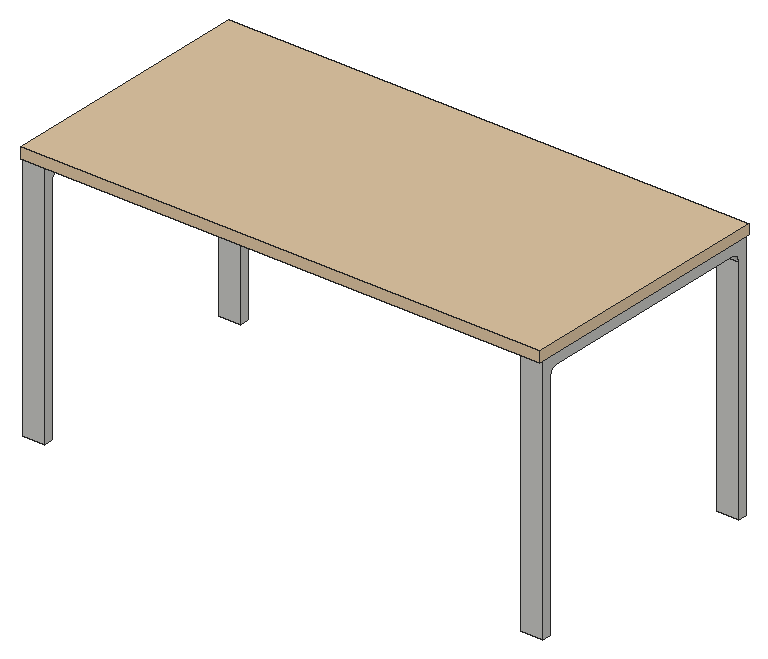
Revit family
Parameters (values of type "60" x 30"")
  Worksurface Finish = Haworth - Laminate - Maple H-AE
  Worksurface Edge Finish = Haworth - Laminate - Maple H-AE
  Warranty = "www.haworth.com/en-us/Products/Pages/Certifications.aspx"
  URL - Product = "www.haworth.com/en-us/Spaces/2011-NeoCon/New-Products/Pages/Reside-Desking.aspx"
  Sustainability Info = "www.haworth.com/en-us/About-Us/Sustainability/Pages/Vision.aspx"
  Support End Right [instance] = and(Right Leg, or(Straight Single Leg, Straight_Angled Double Leg, Straight Double Leg, Hoop Leg, Angled Single Leg, Angled Double Leg, Hoop Leg_Double Worksurface))  # yes
  Support End Left [instance] = and(Left Leg, or(Straight Single Leg, Straight_Angled Double Leg, Straight Double Leg, Hoop Leg, Angled Single Leg, Angled Double Leg, Hoop Leg_Double Worksurface))  # yes
  Straight_Angled Double Leg = no
  Straight Single Leg = no
  Straight Double Leg = not(or(Hoop Leg, Angled Double Leg, Straight_Angled Double Leg, Straight Single Leg, Angled Single Leg, Hoop Leg_Double Worksurface))  # yes
  Right Leg [instance] = yes
  No Legs [instance] = not(or(Left Leg, Right Leg))  # no
  Leg Finish = Haworth - Paint - Metallic Champagne TR-MC
  Model = "Reside"
  Min. Depth = 24"  # constant formula
  Max. Depth = 36"  # constant formula
  Left Leg [instance] = yes
  LEED Data = "www2.haworth.com/Promo/Reside-Beside-Belong/LEED-Reside.pdf"
  Hoop Leg_Double Worksurface = no
  Hoop Leg = no
  Height = 30"
  Width = 60"
  URL = "www.haworth.com"
  Support Height = Actual Height - Worksurface Thickness  # 28 13/16"
  Size = "Verify Final Dim. w/ Haworth"  # constant formula
  Revision Number = "1"  # constant formula
  Min/Max Width = if(Actual Depth = 36", "48-72 in. @ 6 in. Increments", "48-96 in. @ 6 in. Increments")  # "48-96 in. @ 6 in. Increments"
  Min/Max Height = if(Hoop Leg, "28 11/16-32 11/16 in.", "26 11/16-32 11/16 in.")  # "26 11/16-32 11/16 in."
  Min. Width = 48"  # constant formula
  Max. Width = 96"  # constant formula
  Min. Height = if(or(Hoop Leg, Hoop Leg_Double Worksurface), 27 1/2" + Worksurface Thickness, 25 1/2" + Worksurface Thickness)  # 26 11/16"
  Max. Height = 31 1/2" + Worksurface Thickness  # 32 11/16"
  Manufacturer = "Haworth"  # constant formula
  Support Offset = 3/8"  # constant formula
  Double Worksurface = no
  Description = "Reside Worksurface Rectangular"  # constant formula
  Depth = 30"
  Custom Size = not(and(or(Depth = 24", Depth = 30", Depth = 36"), or(Width = 48", Width = 54", Width = 60", Width = 66", Width = 72", Width = 78", Width = 84", Width = 90", Width = 96")))  # no
  Author = "SHAPE Environments, LLC"  # constant formula
  Assembly Code = "E2020200"
  Angled Single Leg = no
  Angled Double Leg = no
  Actual Width = if(Width > Max. Width, Max. Width, if(Width < Min. Width, Min. Width, Width))  # 60"
  Actual Support Hoop Leg_Double Worksurface = or(and(Double Worksurface, Hoop Leg_Double Worksurface), and(Double Worksurface, Hoop Leg))  # no
  Actual Support Hoop Leg = or(and(Hoop Leg, not(Double Worksurface)), and(Hoop Leg_Double Worksurface, not(Double Worksurface)))  # no
  Actual Height = if(Height > Max. Height, Max. Height, if(Height < Min. Height, Min. Height, Height))  # 30"
  Worksurface Thickness = 1 3/16"  # constant formula
  Min/Max Depth = "24, 30, 36 in."  # constant formula
  Actual Depth = if(Depth > Max. Depth, Max. Depth, if(Depth < Min. Depth, Min. Depth, Depth))  # 30"
Reference planes (in)
  plane 1 "Center F/B": y = 0
  plane 2 "Floor": z = 0
  plane 3 "Center L/R": x = 0
  plane 4 "Table Edge Left": x = -30
  plane 5 "Table Edge Right": x = 30
  plane 6 "Table Edge Back": y = -15
  plane 7 "Table Edge Front": y = 15
  plane 8 "Table Bottom": z = 30
  plane 9 "Support Front Offset": y = -14.625
  plane 10 "Support Back Offset": y = 14.625
  plane 11 "masking region": z = 28
Lines and regions (in)
  Masking region 1
    outline origin (0, 0, 28) x (0, -1, 0) y (1, 0, 0)
      loop
        line (-15, -30) -> (15, -30) -> (15, 30) -> (-15, 30) -> (-15, -30)
Dimensions and locks (in)
  "Actual Depth": plane 7 "Table Edge Front" to plane 6 "Table Edge Back"
  "Actual Width": plane 4 "Table Edge Left" to plane 5 "Table Edge Right"
  equal spacing: plane 4 "Table Edge Left", plane 3 "Center L/R", plane 5 "Table Edge Right"
  equal spacing: plane 7 "Table Edge Front", plane 1 "Center F/B", plane 6 "Table Edge Back"
  "Support Offset": plane 9 "Support Front Offset" to plane 6 "Table Edge Back"
  "Support Offset": plane 7 "Table Edge Front" to plane 10 "Support Back Offset"
  "Actual Height": plane 8 "Table Bottom" to level
  locked: plane 8 "Table Bottom" to plane 11 "masking region" at 2
  aligned and locked: plane 3 "Center L/R" to nested 1
  aligned and locked: plane 1 "Center F/B" to nested 1
  aligned: nested 2 to plane 9 "Support Front Offset"
  aligned and locked: nested 2 to plane 9 "Support Front Offset"
  aligned and locked: plane 10 "Support Back Offset" to nested 2
  aligned and locked: nested 2 to plane 4 "Table Edge Left"
  aligned and locked: nested 3 to plane 5 "Table Edge Right"
  aligned and locked: plane 9 "Support Front Offset" to nested 3
  aligned and locked: nested 3 to plane 10 "Support Back Offset"
  aligned and locked: plane 4 "Table Edge Left" to Masking region 1 sketch curve
  aligned and locked: Masking region 1 sketch curve to plane 7 "Table Edge Front"
  aligned and locked: nested 1 to Masking region 1 sketch curve
  aligned and locked: Masking region 1 sketch curve to nested 1
Nested families (in)
  nested 1: "Haworth_Worksurface-Rectangular" at (0, -15, 0), type "Worksurface"
    with Table Thickness 1 3/16"
  nested 2: "Haworth_Worksurface-Support_Part-Reside" at (-37.25, 7.86431, 0), visible <- "Left Leg", Double Worksurface <- "Double Worksurface", type "Support"
    with Straight Support Extension 20 3/4", Hoop Leg Support Extension 29 5/8", Hoop Leg Bottom Support Extension 29 9/16", Double Worksurface no, Angled Support Extension 17 1/2", Support Hoop Leg_Double Worksurface no, Support Straight Double yes
  nested 3: "Haworth_Worksurface-Support_Part-Reside" at (37.25, 7.86431, 0) x (-1, 0, 0) z (0, 0, 1), visible <- "Right Leg", Double Worksurface <- "Double Worksurface", type "Support"
    with Straight Support Extension 20 3/4", Hoop Leg Support Extension 29 5/8", Hoop Leg Bottom Support Extension 29 9/16", Double Worksurface no, Angled Support Extension 17 1/2", Support Hoop Leg_Double Worksurface no, Support Straight Double yes
Definition of nested family "Haworth_Worksurface-Rectangular"
  Parameters (values of type "Worksurface")
    Width = 0"
    Warranty = ""
    URL - Product = ""
    URL = "www.haworth.com"
    Table Thickness = 1 1/2"
    Table Finish = Haworth - Laminate - Maple H-AE
    Table Edge Finish = Haworth - Laminate - Maple H-AE
    Sustainability Info = ""
    Squared Corners = yes
    Size = "Verify Final Dim. w/ Haworth"  # constant formula
    Rounded Corners = no
    Revision Number = ""
    OmniClass Number = ""
    Min/Max Width = ""
    Min/Max Height = ""
    Min. Width = 0"
    Max. Width = 0"
    Min. Height = 0"
    Max. Height = 0"
    Material Options = ""
    Manufacturer = "Haworth"  # constant formula
    LEED Data = ""
    Height = 0"
    Author = "SHAPE Environments, LLC"  # constant formula
    Assembly Code = ""
    Actual Width = 60"
    Actual Height = 30"
    Actual Depth = 30"
  Reference planes (in)
    plane 1 "Center F/B": y = 15
    plane 2: z = 0
    plane 3 "Center L/R": x = 0
    plane 4 "Table Front": y = 30
    plane 5 "Table Right": x = 30
    plane 6 "Table Left": x = -30
    plane 7 "Table Back": y = 0
    plane 8 "Table Top": z = 30
    plane 9 "Table Bottom": z = 28.5
  Forms (in)
    Extrusion 1, solid, material "Haworth - Laminate - Maple H-AE" <- "Table Finish", visible <- "Squared Corners"
      sketch origin (0, 0, 0) x (1, 0, 0) y (0, 1, 0)
        loop
          line (-30, 30) -> (-30, 0) -> (30, 0) -> (30, 30) -> (-30, 30)
      from 28.5 to 30
    Extrusion 2, solid, material "Haworth - Laminate - Maple H-AE" <- "Table Finish", visible <- "Rounded Corners"
      sketch origin (0, 0, 0) x (1, 0, 0) y (0, 1, 0)
        loop
          arc (-28.5, 30) -> (-29.56066, 29.56066) -> (-30, 28.5) r 1.5
          line (-30, 28.5) -> (-30, 1.5)
          arc (-30, 1.5) -> (-29.56066, 0.43934) -> (-28.5, 0) r 1.5
          line (-28.5, 0) -> (28.5, 0)
          arc (28.5, 0) -> (29.56066, 0.43934) -> (30, 1.5) r 1.5
          line (30, 1.5) -> (30, 28.5)
          arc (30, 28.5) -> (29.56066, 29.56066) -> (28.5, 30) r 1.5
          line (28.5, 30) -> (-28.5, 30)
      from 28.5 to 30
  Dimensions and locks (in)
    "Actual Depth": plane 7 "Table Back" to plane 4 "Table Front"
    "Actual Width": plane 6 "Table Left" to plane 5 "Table Right"
    equal spacing: plane 6 "Table Left", plane 3 "Center L/R", plane 5 "Table Right"
    equal spacing: plane 4 "Table Front", plane 1 "Center F/B", plane 7 "Table Back"
    "Table Thickness": plane 8 "Table Top" to plane 9 "Table Bottom"
    "Actual Height": plane 8 "Table Top" to level
    aligned and locked: plane 6 "Table Left" to Extrusion 1 sketch curve
    aligned and locked: Extrusion 1 sketch curve to plane 4 "Table Front"
    aligned and locked: plane 7 "Table Back" to Extrusion 1 sketch curve
    aligned and locked: plane 5 "Table Right" to Extrusion 1 sketch curve
    aligned and locked: plane 8 "Table Top" to Extrusion 1
    aligned and locked: Extrusion 1 to plane 9 "Table Bottom"
    aligned and locked: plane 6 "Table Left" to Extrusion 2 sketch curve
    aligned and locked: Extrusion 2 sketch curve to plane 7 "Table Back"
    aligned and locked: plane 5 "Table Right" to Extrusion 2 sketch curve
    aligned and locked: Extrusion 2 sketch curve to plane 4 "Table Front"
    aligned and locked: plane 8 "Table Top" to Extrusion 2
    aligned and locked: Extrusion 2 to plane 9 "Table Bottom"
  Automatic sketch dimensions
    plane 6 "Table Left" to Extrusion 2 sketch curve = 1 1/2"
    Extrusion 2 sketch curve to Extrusion 2 sketch curve = 1 1/2"
    plane 5 "Table Right" to Extrusion 2 sketch curve = 1 1/2"  (x2)
Definition of nested family "Haworth_Worksurface-Support_Part-Reside"
  Parameters (values of type "Support")
    Support Straight Single = no
    Support Offset = 3/8"  # constant formula
    Support Hoop Leg_Double Worksurface = yes
    Support Angled Single = no
    Worksurface Height = 30"
    Worksurface Depth = 30"
    Warranty = "www.haworth.com/en-us/Products/Pages/Certifications.aspx"
    URL - Product = "www.haworth.com/en-us/Products/Furniture/Systems/Desking-Systems/Pages/Compose.aspx"
    URL = "www.haworth.com"
    Top Thickness = 1 3/16"
    Sustainability Info = "www.haworth.com/en-us/About-Us/Sustainability/Pages/Vision.aspx"
    Support Thickness = 2 1/2"  # constant formula
    Support Straight Double = no
    Support Straight_Angled = no
    Support Height = 28 13/16"
    Support Finish = Haworth - Paint - Metallic Champagne TR-MC
    Support Angled Double = no
    Support Hoop Leg = no
    Straight Support Extension [instance] = if(Double Worksurface, Worksurface Depth - Support Offset + (Gap Depth / 2), 5 3/4" + Spacer Depth)  # 31 1/8"
    Spacer Depth = 15"  # constant formula
    Size = "Verify Final Dim. w/ Haworth"  # constant formula
    Revision Number = "1"  # constant formula
    Model = "Worksurface"
    Min/Max Height = "26-32 in."  # constant formula
    Min/Max Depth = "18-36 in."  # constant formula
    Min. Height = 20"  # constant formula
    Min. Depth = 18"  # constant formula
    Max. Height = 48"  # constant formula
    Max. Depth = 36"  # constant formula
    Manufacturer = "Haworth"  # constant formula
    LEED Data = "www.haworth.com/en-us/Products/Furniture/Systems/Desking-Systems/Pages/Compose.aspx"
    Hoop Leg Support Extension [instance] = if(Double Worksurface, Worksurface Depth - Support Offset + (Gap Depth / 2), Worksurface Depth - Support Offset)  # 31 1/8"
    Hoop Leg Bottom Support Extension [instance] = if(Double Worksurface, Worksurface Depth - Support Offset - 1/16" + (Gap Depth / 2), Worksurface Depth - Support Offset - 1/16")  # 31 1/16"
    Gap Depth = 3"  # constant formula
    Double Worksurface [instance] = yes
    Description = "Worksurface Support Reside"  # constant formula
    Corner Support_Straight Single = no
    Corner Support_Angled Single = no
    Corner Straight Support Extension = 5 3/4"  # constant formula
    Corner Angled Support Extension = 2 1/2"  # constant formula
    Bottom Strut Thickness = 1"  # constant formula
    Bottom Strut Location = 9"  # constant formula
    Author = "SHAPE Environments, LLC"  # constant formula
    Assembly Code = "E2020200"
    Angled Support Extension [instance] = if(Double Worksurface, Worksurface Depth - Support Offset - (Support Height * tan(7.00°)) + (Gap Depth / 2), 2 1/2" + Spacer Depth)  # 27.58727"
    Actual Height = 30"
    Actual Depth = 30"
  Types (2): name | Support Straight Single | Support Hoop Leg_Double Worksurface | URL - Product | Straight Support Extension | LEED Data | Hoop Leg Support Extension | Hoop Leg Bottom Support Extension | Double Worksurface | Angled Support Extension
    Support | no | yes | "www.haworth.com/en-us/Products/Furniture/Systems/Desking-Systems/Pages/Compose.aspx" | 31 1/8" | "www.haworth.com/en-us/Products/Furniture/Systems/Desking-Systems/Pages/Compose.aspx" | 31 1/8" | 31 1/16" | yes | 27.58727"
    Corner Support | yes | no | "www.haworth.com/en-us/Spaces/2011-NeoCon/New-Products/Pages/Reside-Desking.aspx" | 20 3/4" | "www2.haworth.com/Promo/Reside-Beside-Belong/LEED-Reside.pdf" | 29 5/8" | 29 9/16" | no | 17 1/2"
  Reference planes (in)
    plane 1: z = 0
    plane 2 "Center L/R": x = 8.5
    plane 3 "Support Left Edge": x = 7.25
    plane 4 "Support Right Edge": x = 9.75
    plane 5 "Back": y = 7.13569
    plane 6 "Front": y = -22.86431
    plane 7 "Support Top": z = 28.8125
    plane 8 "Mid Strut Top": z = 0.8125
    plane 9 "Mid Strut Bottom": z = 3.4375
    plane 10 "Top Strut Bottom": z = 27.625
    plane 11 "Front Support Exterior": y = -22.48931
    plane 12 "Front Support Interior": y = -21.48931
    plane 13 "Back Support Interior": y = 5.76069
    plane 14 "Back Support Exterior": y = 6.76069
    plane 15 "Center F/B": y = -7.86431
    plane 16 "Leg Top": z = 28.5625
  Forms (in)
    Extrusion 1, solid, material "Haworth - Paint - Metallic Champagne TR-MC" <- "Support Finish", visible <- "Support Hoop Leg"
      sketch origin (8.5, 0, 0) x (0, 1, 0) y (0, 0, 1)
        loop
          line (4.82319, 0.8125) -> (-20.55181, 0.8125)
          arc (-20.55181, 0.8125) -> (-21.25892, 1.10539) -> (-21.55181, 1.8125) r 1
          line (-21.55181, 1.8125) -> (-21.55181, 3.4375) -> (-22.42681, 3.4375) -> (-22.42681, 0) -> (6.69819, 0) -> (6.69819, 3.4375) -> (5.82319, 3.4375) -> (5.82319, 1.8125)
          arc (5.82319, 1.8125) -> (5.5303, 1.10539) -> (4.82319, 0.8125) r 1
      from -1.25 to 1.25
    Extrusion 2, solid, material "Haworth - Paint - Metallic Champagne TR-MC" <- "Support Finish", visible <- "Support Hoop Leg"
      sketch origin (8.5, 0, 0) x (0, 1, 0) y (0, 0, 1)
        loop
          line (5.76069, 3.4375) -> (6.76069, 3.4375) -> (6.76069, 28.8125) -> (-22.48931, 28.8125) -> (-22.48931, 3.4375) -> (-21.48931, 3.4375) -> (-21.48931, 26.625)
          arc (-21.48931, 26.625) -> (-21.19642, 27.33211) -> (-20.48931, 27.625) r 1
          line (-20.48931, 27.625) -> (4.76069, 27.625)
          arc (4.76069, 27.625) -> (5.4678, 27.33211) -> (5.76069, 26.625) r 1
          line (5.76069, 26.625) -> (5.76069, 3.4375)
      from -1.25 to 1.25
    Extrusion 3, solid, material "Haworth - Paint - Metallic Champagne TR-MC" <- "Support Finish", visible <- "Support Straight Double"
      sketch origin (8.5, 0, 0) x (0, 1, 0) y (0, 0, 1)
        loop
          line (5.76069, 0) -> (6.76069, 0) -> (6.76069, 28.8125) -> (-22.48931, 28.8125) -> (-22.48931, 0) -> (-21.48931, 0) -> (-21.48931, 26.625)
          arc (-21.48931, 26.625) -> (-21.19642, 27.33211) -> (-20.48931, 27.625) r 1
          line (-20.48931, 27.625) -> (4.76069, 27.625)
          arc (4.76069, 27.625) -> (5.4678, 27.33211) -> (5.76069, 26.625) r 1
          line (5.76069, 26.625) -> (5.76069, 0)
      from -1.25 to 1.25
    Extrusion 4, solid, material "Haworth - Paint - Metallic Champagne TR-MC" <- "Support Finish", visible <- "Support Straight_Angled"
      sketch origin (8.5, 0, 0) x (0, 1, 0) y (0, 0, 1)
        loop
          line (5.76069, 0) -> (6.76069, 0) -> (6.76069, 28.8125) -> (-18.95158, 28.8125) -> (-22.48931, 0) -> (-21.4818, 0) -> (-18.1977, 26.74687)
          arc (-18.1977, 26.74687) -> (-17.86777, 27.37396) -> (-17.20515, 27.625) r 1
          line (-17.20515, 27.625) -> (4.76069, 27.625)
          arc (4.76069, 27.625) -> (5.4678, 27.33211) -> (5.76069, 26.625) r 1
          line (5.76069, 26.625) -> (5.76069, 0)
      from -1.25 to 1.25
    Extrusion 5, solid, material "Haworth - Paint - Metallic Champagne TR-MC" <- "Support Finish", visible <- "Support Angled Double"
      sketch origin (8.5, 0, 0) x (0, 1, 0) y (0, 0, 1)
        loop
          line (6.76069, 0) -> (3.22296, 28.8125) -> (-18.95158, 28.8125) -> (-22.48931, 0) -> (-21.4818, 0) -> (-18.1977, 26.74687)
          arc (-18.1977, 26.74687) -> (-17.86777, 27.37396) -> (-17.20515, 27.625) r 1
          line (-17.20515, 27.625) -> (1.47653, 27.625)
          arc (1.47653, 27.625) -> (2.13915, 27.37396) -> (2.46908, 26.74687) r 1
          line (2.46908, 26.74687) -> (5.75318, 0) -> (6.76069, 0)
      from -1.25 to 1.25
    Extrusion 6, solid, material "Haworth - Paint - Metallic Champagne TR-MC" <- "Support Finish", visible <- "Support Angled Single"
      sketch origin (8.5, 0, 0) x (0, 1, 0) y (0, 0, 1)
        loop
          line (-18.95158, 28.8125) -> (-22.48931, 0) -> (-21.4818, 0) -> (-18.1977, 26.74687)
          arc (-18.1977, 26.74687) -> (-17.86777, 27.37396) -> (-17.20515, 27.625) r 1
          line (-17.20515, 27.625) -> (8.63569, 27.625) -> (8.63569, 28.8125) -> (-18.95158, 28.8125)
      from -1.25 to 1.25
    Extrusion 7, solid, material "Haworth - Paint - Metallic Champagne TR-MC" <- "Support Finish", visible <- "Support Straight Single"
      sketch origin (8.5, 0, 0) x (0, 1, 0) y (0, 0, 1)
        loop
          line (8.63569, 27.625) -> (8.63569, 28.8125) -> (-22.48931, 28.8125) -> (-22.48931, 0) -> (-21.48931, 0) -> (-21.48931, 26.625)
          arc (-21.48931, 26.625) -> (-21.19642, 27.33211) -> (-20.48931, 27.625) r 1
          line (-20.48931, 27.625) -> (8.63569, 27.625)
      from -1.25 to 1.25
    Extrusion 8, solid, material "Haworth - Paint - Metallic Champagne TR-MC" <- "Support Finish", visible <- "Support Hoop Leg_Double Worksurface"
      sketch origin (8.5, 0, 0) x (0, 1, 0) y (0, 0, 1)
        loop
          line (8.63569, 0.8125) -> (-20.55181, 0.8125)
          arc (-20.55181, 0.8125) -> (-21.25892, 1.10539) -> (-21.55181, 1.8125) r 1
          line (-21.55181, 1.8125) -> (-21.55181, 3.4375) -> (-22.42681, 3.4375) -> (-22.42681, 0) -> (8.63569, 0) -> (8.63569, 0.8125)
      from -1.25 to 1.25
    Extrusion 9, solid, material "Haworth - Paint - Metallic Champagne TR-MC" <- "Support Finish", visible <- "Support Hoop Leg_Double Worksurface"
      sketch origin (8.5, 0, 0) x (0, 1, 0) y (0, 0, 1)
        loop
          line (-22.48931, 28.8125) -> (-22.48931, 3.4375) -> (-21.48931, 3.4375) -> (-21.48931, 26.625)
          arc (-21.48931, 26.625) -> (-21.19642, 27.33211) -> (-20.48931, 27.625) r 1
          line (-20.48931, 27.625) -> (8.63569, 27.625) -> (8.63569, 28.8125) -> (-22.48931, 28.8125)
      from -1.25 to 1.25
    Extrusion 10, solid, material "Haworth - Paint - Metallic Champagne TR-MC" <- "Support Finish", visible <- "Corner Support_Angled Single"
      sketch origin (8.5, 0, 0) x (0, 1, 0) y (0, 0, 1)
        loop
          line (-18.95158, 28.8125) -> (-22.48931, 0) -> (-21.4818, 0) -> (-18.1977, 26.74687)
          arc (-18.1977, 26.74687) -> (-17.86777, 27.37396) -> (-17.20515, 27.625) r 1
          line (-17.20515, 27.625) -> (-16.45158, 27.625) -> (-16.45158, 28.8125) -> (-18.95158, 28.8125)
      from -1.25 to 1.25
    Extrusion 11, solid, material "Haworth - Paint - Metallic Champagne TR-MC" <- "Support Finish", visible <- "Corner Support_Straight Single"
      sketch origin (8.5, 0, 0) x (0, 1, 0) y (0, 0, 1)
        loop
          line (-16.73931, 27.625) -> (-16.73931, 28.8125) -> (-22.48931, 28.8125) -> (-22.48931, 0) -> (-21.48931, 0) -> (-21.48931, 26.625)
          arc (-21.48931, 26.625) -> (-21.19642, 27.33211) -> (-20.48931, 27.625) r 1
          line (-20.48931, 27.625) -> (-16.73931, 27.625)
      from -1.25 to 1.25
  Cuts and joins
    joined: Extrusion 1, Extrusion 2
    joined: Extrusion 8, Extrusion 9
  Lines and regions (in)
    symbolic lines, style "Haworth Hidden", visible <- "Corner Support_Angled Single", detail levels fine
      curve 1: line (7.25, -16.45158, 0) -> (9.75, -16.45158, 0)
      curve 2: line (7.25, -22.48931, 0) -> (7.25, -16.45158, 0)
      curve 3: line (9.75, -22.48931, 0) -> (7.25, -22.48931, 0)
      curve 4: line (9.75, -16.45158, 0) -> (9.75, -22.48931, 0)
    symbolic lines, style "Haworth Hidden", visible <- "Corner Support_Straight Single", detail levels fine
      curve 5: line (7.25, -16.73931, 0) -> (9.75, -16.73931, 0)
      curve 6: line (7.25, -22.48931, 0) -> (7.25, -16.73931, 0)
      curve 7: line (9.75, -22.48931, 0) -> (7.25, -22.48931, 0)
      curve 8: line (9.75, -16.73931, 0) -> (9.75, -22.48931, 0)
    symbolic lines, style "Haworth Hidden", visible <- "Support Angled Double", detail levels fine
      curve 9: line (7.25, 6.76069, 0) -> (9.75, 6.76069, 0)
      curve 10: line (7.25, -22.48931, 0) -> (7.25, 6.76069, 0)
      curve 11: line (9.75, -22.48931, 0) -> (7.25, -22.48931, 0)
      curve 12: line (9.75, 6.76069, 0) -> (9.75, -22.48931, 0)
    symbolic lines, style "Haworth Hidden", visible <- "Support Angled Single", detail levels fine
      curve 13: line (7.25, -1.45158, 0) -> (9.75, -1.45158, 0)
      curve 14: line (7.25, -22.48931, 0) -> (7.25, -1.45158, 0)
      curve 15: line (9.75, -22.48931, 0) -> (7.25, -22.48931, 0)
      curve 16: line (9.75, -1.45158, 0) -> (9.75, -22.48931, 0)
    symbolic lines, style "Haworth Hidden", visible <- "Support Hoop Leg", detail levels fine
      curve 17: line (7.25, 6.76069, 0) -> (9.75, 6.76069, 0)
      curve 18: line (7.25, -22.48931, 0) -> (7.25, 6.76069, 0)
      curve 19: line (9.75, -22.48931, 0) -> (7.25, -22.48931, 0)
      curve 20: line (9.75, 6.76069, 0) -> (9.75, -22.48931, 0)
    symbolic lines, style "Haworth Hidden", visible <- "Support Hoop Leg_Double Worksurface", detail levels fine
      curve 21: line (7.25, 8.63569, 0) -> (9.75, 8.63569, 0)
      curve 22: line (7.25, -22.48931, 0) -> (7.25, 8.63569, 0)
      curve 23: line (9.75, -22.48931, 0) -> (7.25, -22.48931, 0)
      curve 24: line (9.75, 8.63569, 0) -> (9.75, -22.48931, 0)
    symbolic lines, style "Haworth Hidden", visible <- "Support Straight Double", detail levels fine
      curve 25: line (7.25, 6.76069, 0) -> (9.75, 6.76069, 0)
      curve 26: line (7.25, -22.48931, 0) -> (7.25, 6.76069, 0)
      curve 27: line (9.75, -22.48931, 0) -> (7.25, -22.48931, 0)
      curve 28: line (9.75, 6.76069, 0) -> (9.75, -22.48931, 0)
    symbolic lines, style "Haworth Hidden", visible <- "Support Straight Single", detail levels fine
      curve 29: line (7.25, -1.73931, 0) -> (9.75, -1.73931, 0)
      curve 30: line (7.25, -22.48931, 0) -> (7.25, -1.73931, 0)
      curve 31: line (9.75, -22.48931, 0) -> (7.25, -22.48931, 0)
      curve 32: line (9.75, -1.73931, 0) -> (9.75, -22.48931, 0)
    symbolic lines, style "Haworth Hidden", visible <- "Support Straight_Angled", detail levels fine
      curve 33: line (7.25, 6.76069, 0) -> (9.75, 6.76069, 0)
      curve 34: line (7.25, -22.48931, 0) -> (7.25, 6.76069, 0)
      curve 35: line (9.75, -22.48931, 0) -> (7.25, -22.48931, 0)
      curve 36: line (9.75, 6.76069, 0) -> (9.75, -22.48931, 0)
  Dimensions and locks (in)
    "Support Thickness": plane 3 "Support Left Edge" to plane 4 "Support Right Edge"
    equal spacing: plane 3 "Support Left Edge", plane 2 "Center L/R", plane 4 "Support Right Edge"
    "Actual Depth": plane 5 "Back" to plane 6 "Front"
    plane 7 "Support Top" to plane 10 "Top Strut Bottom" = 1 3/16"
    "Support Height": plane 7 "Support Top" to level
    locked: plane 5 "Back" to plane 14 "Back Support Exterior" at 0.375
    locked: plane 14 "Back Support Exterior" to plane 13 "Back Support Interior" at 1
    plane 12 "Front Support Interior" to plane 11 "Front Support Exterior" to plane 6 "Front" = 1" locked, 3/8" locked
    plane 7 "Support Top" to plane 9 "Mid Strut Bottom" = 25 3/8"
    equal spacing: plane 5 "Back", plane 15 "Center F/B", plane 6 "Front"
    plane 8 "Mid Strut Top" to level = 13/16"
    plane 14 "Back Support Exterior" to Extrusion 1 sketch curve = 1/16"
    Extrusion 1 sketch curve to plane 13 "Back Support Interior" = 1/16"
    plane 12 "Front Support Interior" to Extrusion 1 sketch curve = 1/16"
    Extrusion 1 sketch curve to plane 11 "Front Support Exterior" = 1/16"
    locked: plane 7 "Support Top" to plane 16 "Leg Top" at 0.25
    "Angled Support Extension": Extrusion 6 sketch curve to Extrusion 6 sketch curve
    "Straight Support Extension": Extrusion 7 sketch curve to Extrusion 7 sketch curve
    "Hoop Leg Support Extension": Extrusion 9 sketch curve to Extrusion 9 sketch curve
    "Corner Angled Support Extension": Extrusion 10 sketch curve to Extrusion 10 sketch curve
    "Corner Straight Support Extension": Extrusion 11 sketch curve to Extrusion 11 sketch curve
    radius of Extrusion 1 sketch curve = 1"
    radius of Extrusion 8 sketch curve = 1"
    angle Extrusion 4 sketch curve to level = 83.00°
    angle level to Extrusion 5 sketch curve = 83.00°
    angle Extrusion 5 sketch curve to level = 83.00°
    angle Extrusion 6 sketch curve to level = 83.00°
    aligned and locked: plane 13 "Back Support Interior" to Extrusion 2 sketch curve
    aligned and locked: Extrusion 2 sketch curve to plane 14 "Back Support Exterior"
    aligned and locked: Extrusion 2 sketch curve to plane 7 "Support Top"
    aligned and locked: Extrusion 2 sketch curve to plane 11 "Front Support Exterior"
    aligned and locked: Extrusion 2 sketch curve to plane 12 "Front Support Interior"
    aligned: plane 3 "Support Left Edge" to Extrusion 2
    aligned: plane 3 "Support Left Edge" to Extrusion 1
    aligned: plane 4 "Support Right Edge" to Extrusion 2
    aligned: plane 4 "Support Right Edge" to Extrusion 1
    aligned and locked: Extrusion 2 sketch curve to plane 10 "Top Strut Bottom"
    aligned and locked: plane 9 "Mid Strut Bottom" to Extrusion 2 sketch curve
    aligned and locked: plane 8 "Mid Strut Top" to Extrusion 1 sketch curve
    aligned and locked: level to Extrusion 1 sketch curve
    aligned and locked: plane 9 "Mid Strut Bottom" to Extrusion 1 sketch curve
    aligned and locked: Extrusion 3 sketch curve to level  (x2)
    aligned and locked: plane 3 "Support Left Edge" to Extrusion 5
    aligned and locked: plane 4 "Support Right Edge" to Extrusion 5
    aligned and locked: plane 3 "Support Left Edge" to Extrusion 7
    aligned and locked: plane 4 "Support Right Edge" to Extrusion 7
    aligned: plane 3 "Support Left Edge" to Extrusion 6
    aligned: plane 4 "Support Right Edge" to Extrusion 6
    aligned and locked: plane 4 "Support Right Edge" to Extrusion 4
    aligned and locked: plane 3 "Support Left Edge" to Extrusion 4
    aligned and locked: plane 4 "Support Right Edge" to Extrusion 3
    aligned and locked: cut or joined group of Extrusion 8, Extrusion 9 to cut or joined group of Extrusion 8, Extrusion 9
    aligned and locked: curve 21 to cut or joined group of Extrusion 8, Extrusion 9
  Automatic sketch dimensions
    Extrusion 1 sketch curve to plane 9 "Mid Strut Bottom" = 0"
    plane 13 "Back Support Interior" to Extrusion 1 sketch curve = 15/16"
    Extrusion 2 sketch curve to plane 9 "Mid Strut Bottom" = 0"
    plane 12 "Front Support Interior" to Extrusion 2 sketch curve = 1"
    plane 13 "Back Support Interior" to Extrusion 2 sketch curve = 1"
    Extrusion 3 sketch curve to plane 11 "Front Support Exterior" = 0"
    Extrusion 3 sketch curve to plane 12 "Front Support Interior" = 0"
    Extrusion 3 sketch curve to plane 10 "Top Strut Bottom" = 0"
    Extrusion 3 sketch curve to plane 13 "Back Support Interior" = 0"
    Extrusion 3 sketch curve to plane 7 "Support Top" = 0"
    Extrusion 3 sketch curve to plane 14 "Back Support Exterior" = 0"
    plane 12 "Front Support Interior" to Extrusion 3 sketch curve = 1"
    plane 13 "Back Support Interior" to Extrusion 3 sketch curve = 1"
    Extrusion 4 sketch curve to level = 0"  (x2)
    Extrusion 4 sketch curve to plane 11 "Front Support Exterior" = 0"
    Extrusion 4 sketch curve to plane 7 "Support Top" = 0"
    Extrusion 4 sketch curve to plane 10 "Top Strut Bottom" = 0"
    Extrusion 4 sketch curve to plane 13 "Back Support Interior" = 0"
    Extrusion 4 sketch curve to plane 14 "Back Support Exterior" = 0"
    plane 12 "Front Support Interior" to Extrusion 4 sketch curve = 0.00751"
    Extrusion 4 sketch curve to plane 10 "Top Strut Bottom" = 0.87813"
    Extrusion 4 sketch curve to Extrusion 4 sketch curve = 0.75388"
    Extrusion 4 sketch curve to Extrusion 4 sketch curve = 0.99255"
    plane 13 "Back Support Interior" to Extrusion 4 sketch curve = 1"
    Extrusion 5 sketch curve to level = 0"  (x2)
    Extrusion 5 sketch curve to plane 11 "Front Support Exterior" = 0"
    Extrusion 5 sketch curve to plane 7 "Support Top" = 0"
    Extrusion 5 sketch curve to plane 10 "Top Strut Bottom" = 0"
    Extrusion 5 sketch curve to plane 14 "Back Support Exterior" = 0"
    plane 12 "Front Support Interior" to Extrusion 5 sketch curve = 0.00751"
    Extrusion 5 sketch curve to plane 10 "Top Strut Bottom" = 0.87813"
    Extrusion 5 sketch curve to Extrusion 5 sketch curve = 0.75388"
    Extrusion 5 sketch curve to Extrusion 5 sketch curve = 0.99255"  (x2)
    Extrusion 5 sketch curve to Extrusion 5 sketch curve = 1.74643"
    plane 13 "Back Support Interior" to Extrusion 5 sketch curve = 0.00751"
    Extrusion 5 sketch curve to Extrusion 5 sketch curve = 1"
    Extrusion 6 sketch curve to level = 0"
    Extrusion 6 sketch curve to plane 11 "Front Support Exterior" = 0"
    Extrusion 6 sketch curve to plane 7 "Support Top" = 0"
    Extrusion 6 sketch curve to plane 10 "Top Strut Bottom" = 0"
    plane 12 "Front Support Interior" to Extrusion 6 sketch curve = 0.00751"
    Extrusion 6 sketch curve to plane 10 "Top Strut Bottom" = 0.87813"
    Extrusion 6 sketch curve to Extrusion 6 sketch curve = 0.75388"
    Extrusion 6 sketch curve to Extrusion 6 sketch curve = 0.99255"
    Extrusion 7 sketch curve to level = 0"
    Extrusion 7 sketch curve to plane 11 "Front Support Exterior" = 0"
    Extrusion 7 sketch curve to plane 12 "Front Support Interior" = 0"
    Extrusion 7 sketch curve to plane 10 "Top Strut Bottom" = 0"
    Extrusion 7 sketch curve to plane 7 "Support Top" = 0"
    plane 12 "Front Support Interior" to Extrusion 7 sketch curve = 1"
    Extrusion 9 sketch curve to plane 9 "Mid Strut Bottom" = 0"
    Extrusion 9 sketch curve to plane 11 "Front Support Exterior" = 0"
    Extrusion 9 sketch curve to plane 12 "Front Support Interior" = 0"
    Extrusion 9 sketch curve to plane 10 "Top Strut Bottom" = 0"
    Extrusion 9 sketch curve to plane 7 "Support Top" = 0"
    plane 12 "Front Support Interior" to Extrusion 9 sketch curve = 1"
    Extrusion 10 sketch curve to level = 0"
    Extrusion 10 sketch curve to plane 7 "Support Top" = 0"
    Extrusion 10 sketch curve to plane 10 "Top Strut Bottom" = 0"
    plane 6 "Front" to Extrusion 10 sketch curve = 3/8"
    Extrusion 10 sketch curve to Extrusion 10 sketch curve = 1.00751"
    Extrusion 10 sketch curve to Extrusion 10 sketch curve = 2.53022"
    Extrusion 10 sketch curve to plane 10 "Top Strut Bottom" = 0.87813"
    Extrusion 10 sketch curve to Extrusion 10 sketch curve = 0.75388"
    Extrusion 10 sketch curve to Extrusion 10 sketch curve = 0.99255"
    Extrusion 11 sketch curve to level = 0"
    Extrusion 11 sketch curve to plane 7 "Support Top" = 0"
    Extrusion 11 sketch curve to plane 10 "Top Strut Bottom" = 0"
    plane 6 "Front" to Extrusion 11 sketch curve = 3/8"
    Extrusion 11 sketch curve to plane 10 "Top Strut Bottom" = 1"
    Extrusion 11 sketch curve to Extrusion 11 sketch curve = 1"
    Extrusion 8 sketch curve to level = 0"
    Extrusion 8 sketch curve to plane 9 "Mid Strut Bottom" = 0"
    Extrusion 8 sketch curve to plane 8 "Mid Strut Top" = 0"
    Extrusion 8 sketch curve to plane 11 "Front Support Exterior" = 1/16"
    Extrusion 8 sketch curve to plane 12 "Front Support Interior" = 1/16"
    plane 5 "Back" to Extrusion 8 sketch curve = 1 1/2"
    curve 1 to plane 3 "Support Left Edge" = 0"
    curve 19 to plane 4 "Support Right Edge" = 0"
    plane 11 "Front Support Exterior" to curve 19 = 0"
    curve 10 to plane 14 "Back Support Exterior" = 0"
    plane 12 "Front Support Interior" to curve 5 = 4 3/4"
    curve 5 to curve 1 = 0.28773"
    plane 15 "Center F/B" to curve 29 = 6 1/8"
    curve 29 to curve 13 = 0.28773"
